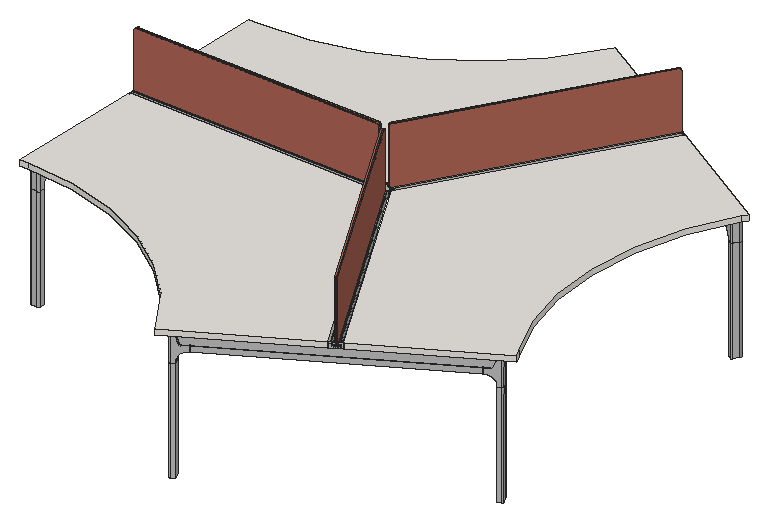
Revit family "Haworth_Intuity_Benching_Corner120_ThreeSided", category Furniture Systems, Revit 2018
Family settings
  Round Connector Dimension = Use Diameter
  Part Type = Normal
  OmniClass Number = 23.40.70.14.64.21
  OmniClass Title = Systems Furniture
  Work Plane-Based = No
  Always vertical = Yes
  Cut with Voids When Loaded = No
  Shared = No
  Room Calculation Point = No
Parameters (values of type "30d 54w")
  Worksurface Distance = 1 13/32" * 2  # 2 13/16"
  Warranty = "https://www.haworth.com/resources/product-info/warranties"
  Utility Tray Yes = yes
  Utility Tray Width = Actual Width  # 54"
  Utility Tray Finish = Haworth _ Paint _ Metallic Silver
  URL - Product = "https://www.haworth.com/products/workspaces/benching/intuity"
  Table Finish [instance] = Haworth _ Laminate _ Linen H-WL
  Table Edge Finish [instance] = Haworth _ Laminate _ Linen H-WL
  Side 3 Leg Shared Offset [instance] = if(Leg Side 3 Shared, 0", 1 1/4")  # 1 1/4"
  Side 2 Leg Shared Offset [instance] = if(Leg Side 2 Shared, 0", 1 1/4")  # 1 1/4"
  Side Leg Offset = 1 1/4"  # constant formula
  Side 1 Leg Shared Offset [instance] = if(Leg Side 1 Shared, 0", 1 1/4")  # 1 1/4"
  Screen Yes [instance] = yes
  Screen Mounting Height = 28 1/4"  # constant formula
  Screen Finish = Haworth _ Fabric _ Tellure _ Geranium 3A-42
  Rail Finish = Haworth _ Paint _ Metallic Silver
  Min. Screen Width = 36"  # constant formula
  Max. Screen Width = 54"  # constant formula
  Leg Side 3 Straight [instance] = yes
  Leg Side 2 Straight [instance] = yes
  Leg Side 2 None [instance] = not(or(Leg Side 2 Straight, Leg Side 2 Angled, Leg Side 2 Column))  # no
  Leg Side 2 Column [instance] = no
  Leg Side 2 Angled [instance] = no
  Leg Side 1 Straight [instance] = yes
  Leg Side 1 Shared [instance] = no
  Leg Side 1 None [instance] = not(or(Leg Side 1 Straight, Leg Side 1 Angled, Leg Side 1 Column))  # no
  Leg Side 1 Column [instance] = no
  Leg Side 1 Angled [instance] = no
  Leg Side 3 Shared [instance] = no
  Leg Side 3 None [instance] = not(or(Leg Side 3 Straight, Leg Side 3 Angled, Leg Side 3 Column))  # no
  Leg Side 2 Shared [instance] = no
  Leg Side 3 Column [instance] = no
  Leg Side 3 Angled [instance] = no
  End Cap Offset = 1/8"  # constant formula
  Screen Width = 54"
  Actual Screen Width = if(Screen Width < Min. Screen Width, Min. Screen Width - 1/4", if(Screen Width > Max. Screen Width, Max. Screen Width - 1/4", Screen Width - 1/4"))  # 53 3/4"
  Actual Overall Depth = (Actual Depth * 2) + Worksurface Distance  # 62 13/16"
  Standard Worksurface Depth = "24, 30 in."  # constant formula
  Model = "Intuity"  # constant formula
  Min. Overall Depth = 51"  # constant formula
  Max. Overall Depth = 63"  # constant formula
  Leg Side Offset = if(Actual Width < 47", 33 3/4", if(Actual Width < 53", 38 3/4", if(Actual Width < 59", 43 3/4", 46 13/16")))  # 43 3/4"
  Leg Front Offset [instance] = if(or(Leg Side 1 Angled, Leg Side 2 Angled, Leg Side 3 Angled), 13", 6")  # 6"
  Leg Finish [instance] = Haworth _ Paint _ Metallic Silver
  J-Rail Width = Leg Side Offset  # 43 3/4"
  J-Rail Height = 22 5/8"  # constant formula
  Gap Depth = Worksurface Distance / 2  # 1 13/32"
  Description = "Haworth - Intuity Benching - 120 Three Pack"  # constant formula
  Width = 54"
  URL = "www.haworth.com"
  Table Thickness = 1 3/16"  # constant formula
  Size = "Verify Final Dim. w/ Haworth"  # constant formula
  Revision Number = "1"  # constant formula
  Standard Width = "42, 48, 54 in."  # constant formula
  Standard Overall Depth = "48, 60 in."  # constant formula
  Min. Width = 42"  # constant formula
  Max. Width = 54"  # constant formula
  Min. Depth = 24"  # constant formula
  Max. Depth = 30"  # constant formula
  Manufacturer = "Haworth"  # constant formula
  Leg Height = Actual Height - Table Thickness  # 28"
  Depth = 30"
  Custom Size = not(and(or(Depth = 24", Depth = 30"), or(Width = 42", Width = 48", Width = 54")))  # no
  Author = "Haworth (Alias)"  # constant formula
  Assembly Code = "E2020200"
  Actual Width = if(Width < Min. Width, Min. Width, if(Width > Max. Width, Max. Width, Width))  # 54"
  Actual Height = 29 3/16"  # constant formula
  Actual Depth = if(Depth > Max. Depth, Max. Depth, if(Depth < Min. Depth, Min. Depth, Depth))  # 30"
  Access Plate Finish = Haworth _ Paint _ Metallic Silver
  Accent Plate Side 3 [instance] = or(Leg Side 3 Straight, Leg Side 3 Angled)  # yes
  Accent Plate Side 2 [instance] = or(Leg Side 2 Straight, Leg Side 2 Angled)  # yes
  Accent Plate Side 1 [instance] = or(Leg Side 1 Straight, Leg Side 1 Angled)  # yes
  Accent Plate Depth [instance] = (Actual Depth * 2) + (Gap Depth * 2) - (Leg Front Offset * 2)  # 50 13/16"
  21 in H Screen = not([13 in H Screen])  # no
  13 in H Screen = yes
Reference planes (in)
  plane 1 "Bottom": z = 0
  plane 2 "Top": z = 29.1875
  plane 3 "Top Bottom": z = 28
  plane 4 "Support Top": z = 22.625
  plane 5 "Edge End 1": x = -15.14581
  plane 6 "Center FB": y = 7.37456
  plane 7 "W/Surface 1 Edge1": y = 8.78081
  plane 8 "W/Surface 1 Edge2": y = 5.96831
  plane 9 "Right Leg L": x = 33.47859
  plane 10 "Support Bottom": z = 18.875
  plane 11 "Leg Back": y = 32.78081
  plane 12 "Leg Front": y = -18.03169
  plane 13 "Back 1": y = -24.03169
  plane 14 "Front 1": y = 38.78081
  plane 15 "Center 2": through (39.66609, 7.37456, 48) normal (-0.866, 0.5, 0)
  plane 16 "Center 3": through (39.66609, 7.37456, 48) normal (0.866, 0.5, 0)
  plane 17 "W/Surface 3 Edge2": through (40.88394, 8.07768, 48) normal (0.866, 0.5, 0)
  plane 18 "W/Surface 3 Edge1": through (64.61397, -38.64894, 48) normal (-0.866, -0.5, 0)
  plane 19 "W/Surface 2 Edge1": through (38.44824, 8.07768, 48) normal (-0.866, 0.5, 0)
  plane 20 "W/Surface 2 Edge2": through (65.14181, 48.6873, 48) normal (0.866, -0.5, 0)
  plane 21 "Leg 3 Back": through (61.66855, 20.07768, 48) normal (0.866, 0.5, 0)
  plane 22 "Leg 3 Front": through (57.18466, -73.781, 48) normal (-0.866, -0.5, 0)
  plane 23 "Leg 2 Back": through (17.66363, 20.07768, 48) normal (-0.866, 0.5, 0)
  plane 24 "Leg 2 Front": through (97.94312, 57.50084, 48) normal (0.866, -0.5, 0)
  plane 25 "Left Leg 2": through (2.98228, 35.69867, 48) normal (0.5, 0.866, 0)
  plane 26 "Left Leg 3": through (82.5374, 24.98161, 48) normal (0.5, -0.866, 0)
  plane 27 "Post Leg 2": x = 52.07236
  plane 28 "Post Leg 1": through (35.3382, 19.20138, 48) normal (0.5, -0.866, 0)
  plane 29 "Post Leg 3": through (35.33821, -4.45227, 48) normal (-0.5, -0.866, 0)
  plane 30 "Back 2": through (-2.57981, -2.98498, 48) normal (-0.866, 0.5, 0)
  plane 31 "Front 2": through (113.8647, 73.07782, 48) normal (0.866, -0.5, 0)
  plane 32 "Back 3": through (51.81741, 49.14035, 48) normal (0.866, 0.5, 0)
  plane 33 "Front 3": through (59.46748, -89.73495, 48) normal (-0.866, -0.5, 0)
  plane 34 "Center Point 1": x = 39.66609
  plane 35 "Center Point 2": through (39.66609, 7.37456, 48) normal (-0.5, 0.866, 0)
  plane 36 "Center Point 3": through (39.66609, 7.37456, 48) normal (-0.5, -0.866, 0)
  plane 37 "Edge End 2": through (76.29258, 49.51957, 48) normal (-0.5, -0.866, 0)
  plane 38: through (38.42719, 4.24086, 48) normal (-0.5, 0.866, 0)
  plane 39: through (38.42719, 4.24086, 48) normal (-0.866, -0.5, 0)
  plane 40: through (42.9994, 7.86849, 48) normal (-0.5, -0.866, 0)
  plane 41: through (42.9994, 7.86849, 48) normal (0.866, -0.5, 0)
  plane 42: x = 37.57168
  plane 43: y = 10.01433
  plane 44: x = 38.55401
  plane 45: through (39.1537, 5.79461, 48) normal (-0.5, 0.866, 0)
  plane 46: through (41.29056, 7.72079, 48) normal (-0.5, -0.866, 0)
  plane 47 "Leg 1": x = -13.89581
  plane 48 "Leg 2": through (98.70869, 35.13425, 48) normal (-0.5, -0.866, 0)
  plane 49: x = 11.85419
  plane 50: through (34.72516, -27.5925, 48) normal (-0.5, 0.866, 0)
  plane 51: through (26.02161, 47.36662, 48) normal (0.5, 0.866, 0)
  plane 52: x = 38.85419
  plane 53: through (38.85419, 8.78081, 54) normal (0.5, 0.866, 0)
  plane 54: x = -15.02081
  plane 55: through (95.10081, 38.5163, 54) normal (-0.5, -0.866, 0)
  plane 56: through (41.28989, 7.37456, 54) normal (0.5, -0.866, 0)
  plane 57 "Edge End 3": through (76.29258, -34.77045, 48) normal (0.5, -0.866, 0)
  plane 58: through (98.70869, -20.38514, 48) normal (0.5, -0.866, 0)
  plane 59: through (95.10081, -23.76718, 54) normal (0.5, -0.866, 0)
Forms (in)
  Extrusion 1, solid, material "Haworth _ Paint _ Metallic Silver" <- "Leg Finish"
    sketch origin (0, 0, 0) x (1, 0, 0) y (0, 1, 0)
      loop
        line (38.95105, 8.61304) -> (38.95105, 6.13608) -> (41.09617, 7.37456) -> (38.95105, 8.61304)
    from 29.08424 to 29.14425
  Extrusion 2, void
    sketch origin (0, 0, 0) x (1, 0, 0) y (0, 1, 0)
      loop
        line (41.28316, 6.98628) -> (41.95568, 7.37456) -> (41.28316, 7.76284) -> (41.08154, 7.41362)
        arc (41.08154, 7.41362) -> (41.07107, 7.37456) -> (41.08154, 7.33549) r 0.07813
        line (41.08154, 7.33549) -> (41.28316, 6.98628)
      loop
        line (39.19382, 8.96912) -> (38.52129, 9.3574) -> (38.52129, 8.58084) -> (38.92454, 8.58084)
        arc (38.92454, 8.58084) -> (38.9636, 8.59131) -> (38.9922, 8.61991) r 0.07813
        line (38.9922, 8.61991) -> (39.19382, 8.96912)
      loop
        line (39.19382, 5.78) -> (38.9922, 6.12921)
        arc (38.9922, 6.12921) -> (38.9636, 6.15781) -> (38.92454, 6.16827) r 0.07813
        line (38.92454, 6.16827) -> (38.52129, 6.16827) -> (38.52129, 5.39171) -> (39.19382, 5.78)
    from 27 to 30
  Sweep 3, solid, material "Haworth _ Paint _ Metallic Silver" <- "Leg Finish"
    path in 3D
      loop
        line (38.95105, 6.13608, 29.14425) -> (41.09617, 7.37456, 29.14425) -> (38.95105, 8.61304, 29.14425) -> (38.95105, 6.13608, 29.14425)
    profile origin (38.95105, 7.37456, 29.14425) x (1, 0, 0) y (0, 0, 1)
      loop
        arc (-0.29704, 0) -> (-0.36775, -0.02929) -> (-0.39704, -0.1) r 0.1
        line (-0.39704, -0.1) -> (-0.39704, -1.265) -> (-0.33705, -1.265) -> (-0.33705, -0.09906)
        arc (-0.33705, -0.09906) -> (-0.3256, -0.07144) -> (-0.29798, -0.06) r 0.03906
        line (-0.29798, -0.06) -> (0, -0.06) -> (0, 0) -> (-0.29704, 0)
  Extrusion 4, solid, material "Haworth _ Paint _ Metallic Silver" <- "Rail Finish"
    sketch origin (0, 0, 0) x (1, 0, 0) y (0, 1, 0)
      loop
        line (-15.14581, 8.78081) -> (-15.14581, 5.96831) -> (-15.02081, 5.96831) -> (-15.02081, 8.78081) -> (-15.14581, 8.78081)
      loop
        line (65.85419, 55.54618) -> (65.79169, 55.43793) -> (68.22739, 54.03168) -> (68.28989, 54.13993) -> (65.85419, 55.54618)
      loop
        line (65.85419, -40.79706) -> (68.28989, -39.39081) -> (68.22739, -39.28256) -> (65.79169, -40.68881) -> (65.85419, -40.79706)
    from 28 to 29.1875
Cuts and joins
  Extrusion 2 cuts Extrusion 1
  Extrusion 2 cuts Sweep 3
  joined: Extrusion 1, Sweep 3
Lines and regions (in)
  sketch lines
    curve 1: line (38.95105, 8.61304, 29.14425) -> (38.95105, 6.13608, 29.14425)
    curve 2: line (41.09617, 7.37456, 29.14425) -> (38.95105, 8.61304, 29.14425)
    curve 3: line (38.95105, 6.13608, 29.14425) -> (41.09617, 7.37456, 29.14425)
Dimensions and locks (in)
  "Actual Height": plane 2 "Top" to level
  "Table Thickness": plane 2 "Top" to plane 3 "Top Bottom"
  "Gap Depth": plane 7 "W/Surface 1 Edge1" to plane 6 "Center FB"
  "Gap Depth": plane 6 "Center FB" to plane 8 "W/Surface 1 Edge2"
  "Actual Depth": plane 14 "Front 1" to plane 7 "W/Surface 1 Edge1"
  "Actual Depth": plane 13 "Back 1" to plane 8 "W/Surface 1 Edge2"
  locked: plane 4 "Support Top" to plane 10 "Support Bottom" at 3.75
  "J-Rail Height": plane 4 "Support Top" to plane 1 "Bottom"
  "Gap Depth": plane 18 "W/Surface 3 Edge1" to plane 16 "Center 3"
  "Gap Depth": plane 16 "Center 3" to plane 17 "W/Surface 3 Edge2"
  "Gap Depth": plane 20 "W/Surface 2 Edge2" to plane 15 "Center 2"
  "Gap Depth": plane 19 "W/Surface 2 Edge1" to plane 15 "Center 2"
  "Actual Depth": plane 32 "Back 3" to plane 17 "W/Surface 3 Edge2"
  "Actual Depth": plane 33 "Front 3" to plane 18 "W/Surface 3 Edge1"
  "Actual Depth": plane 31 "Front 2" to plane 20 "W/Surface 2 Edge2"
  "Actual Depth": plane 30 "Back 2" to plane 19 "W/Surface 2 Edge1"
  "Actual Width": plane 5 "Edge End 1" to plane 52
  "Actual Width": plane 53 to plane 37 "Edge End 2"
  equal spacing: plane 5 "Edge End 1", plane 49, plane 52
  equal spacing: plane 37 "Edge End 2", plane 51, plane 53
  "Side 1 Leg Shared Offset": plane 5 "Edge End 1" to plane 47 "Leg 1"
  "Side 2 Leg Shared Offset": plane 48 "Leg 2" to plane 37 "Edge End 2"
  "End Cap Offset": plane 55 to plane 37 "Edge End 2"
  "End Cap Offset": plane 5 "Edge End 1" to plane 54
  "Actual Width": plane 56 to plane 57 "Edge End 3"
  equal spacing: plane 56, plane 50, plane 57 "Edge End 3"
  "End Cap Offset": plane 59 to plane 57 "Edge End 3"
  "Side 3 Leg Shared Offset": plane 58 to plane 57 "Edge End 3"
  "Leg Front Offset": plane 13 "Back 1" to plane 12 "Leg Front"
  "Leg Front Offset": plane 14 "Front 1" to plane 11 "Leg Back"
  "Leg Front Offset": plane 31 "Front 2" to plane 24 "Leg 2 Front"
  "Leg Front Offset": plane 30 "Back 2" to plane 23 "Leg 2 Back"
  "Leg Front Offset": plane 32 "Back 3" to plane 21 "Leg 3 Back"
  "Leg Front Offset": plane 33 "Front 3" to plane 22 "Leg 3 Front"
  aligned and locked: plane 1 "Bottom" to nested 1
  aligned and locked: nested 3 to plane 1 "Bottom"
  aligned and locked: plane 1 "Bottom" to nested 2
  aligned and locked: plane 8 "W/Surface 1 Edge2" to nested 1
  aligned and locked: nested 2 to plane 7 "W/Surface 1 Edge1"
  aligned and locked: plane 17 "W/Surface 3 Edge2" to nested 3
  aligned and locked: plane 6 "Center FB" to nested 9
  aligned and locked: plane 15 "Center 2" to nested 12
  aligned and locked: nested 11 to plane 16 "Center 3"
  aligned and locked: plane 47 "Leg 1" to nested 4
  aligned and locked: nested 21 to plane 16 "Center 3"
  aligned and locked: plane 15 "Center 2" to nested 16
  aligned and locked: plane 51 to nested 24
  aligned and locked: nested 8 to plane 50
  aligned and locked: plane 49 to nested 23
  aligned and locked: nested 23 to plane 6 "Center FB"
  aligned and locked: nested 24 to plane 15 "Center 2"
  aligned and locked: plane 16 "Center 3" to nested 8
  aligned and locked: nested 3 to plane 20 "W/Surface 2 Edge2"
  aligned and locked: plane 19 "W/Surface 2 Edge1" to nested 2
  aligned and locked: nested 1 to plane 18 "W/Surface 3 Edge1"
  aligned and locked: plane 15 "Center 2" to nested 27
  aligned and locked: plane 51 to nested 27
  aligned and locked: nested 25 to plane 16 "Center 3"
  aligned and locked: plane 6 "Center FB" to nested 26
  aligned and locked: plane 49 to nested 26
  aligned and locked: plane 49 to nested 9
  aligned and locked: plane 51 to nested 12
  aligned and locked: nested 25 to plane 50
  aligned and locked: nested 11 to plane 50
  aligned and locked: nested 19 to plane 58
  aligned and locked: Extrusion 4 sketch curve to plane 19 "W/Surface 2 Edge1"
  aligned and locked: Extrusion 4 sketch curve to plane 55
  aligned and locked: plane 37 "Edge End 2" to Extrusion 4 sketch curve
  aligned and locked: Extrusion 4 sketch curve to plane 20 "W/Surface 2 Edge2"
  aligned and locked: plane 59 to Extrusion 4 sketch curve
  aligned and locked: Extrusion 4 sketch curve to plane 57 "Edge End 3"
  aligned and locked: plane 17 "W/Surface 3 Edge2" to Extrusion 4 sketch curve
  aligned and locked: plane 18 "W/Surface 3 Edge1" to Extrusion 4 sketch curve
  aligned and locked: Extrusion 4 sketch curve to plane 54
  aligned and locked: plane 5 "Edge End 1" to Extrusion 4 sketch curve
  aligned and locked: Extrusion 4 sketch curve to plane 7 "W/Surface 1 Edge1"
  aligned and locked: Extrusion 4 sketch curve to plane 8 "W/Surface 1 Edge2"
  aligned and locked: plane 2 "Top" to Extrusion 4
  aligned and locked: Extrusion 4 to plane 3 "Top Bottom"
  aligned and locked: nested 5 to plane 12 "Leg Front"
  aligned and locked: nested 4 to plane 12 "Leg Front"
  aligned and locked: plane 47 "Leg 1" to nested 5
  aligned and locked: nested 10 to plane 47 "Leg 1"
  aligned and locked: nested 6 to plane 47 "Leg 1"
  aligned and locked: plane 47 "Leg 1" to nested 7
  aligned and locked: nested 6 to plane 11 "Leg Back"
  aligned and locked: plane 11 "Leg Back" to nested 10
  aligned and locked: nested 16 to plane 48 "Leg 2"
  aligned and locked: nested 13 to plane 48 "Leg 2"
  aligned and locked: nested 14 to plane 48 "Leg 2"
  aligned and locked: plane 48 "Leg 2" to nested 17
  aligned and locked: plane 48 "Leg 2" to nested 15
  aligned and locked: plane 23 "Leg 2 Back" to nested 17
  aligned and locked: nested 15 to plane 23 "Leg 2 Back"
  aligned and locked: nested 13 to plane 24 "Leg 2 Front"
  aligned and locked: nested 14 to plane 24 "Leg 2 Front"
  aligned and locked: nested 18 to plane 58
  aligned and locked: nested 21 to plane 58
  aligned and locked: plane 58 to nested 20
  aligned and locked: plane 58 to nested 22
  aligned and locked: nested 20 to plane 21 "Leg 3 Back"
  aligned and locked: plane 21 "Leg 3 Back" to nested 22
  aligned and locked: nested 18 to plane 22 "Leg 3 Front"
  aligned and locked: nested 19 to plane 22 "Leg 3 Front"
  aligned and locked: plane 6 "Center FB" to nested 28
  aligned and locked: plane 47 "Leg 1" to nested 28
  aligned and locked: nested 30 to plane 48 "Leg 2"
  aligned and locked: plane 15 "Center 2" to nested 30
  aligned and locked: nested 29 to plane 16 "Center 3"
  aligned and locked: nested 29 to plane 58
  aligned and locked: plane 3 "Top Bottom" to nested 29
  aligned and locked: plane 3 "Top Bottom" to nested 21
  aligned and locked: plane 3 "Top Bottom" to nested 18
  aligned and locked: plane 3 "Top Bottom" to nested 19
  aligned and locked: plane 3 "Top Bottom" to nested 7
  aligned and locked: plane 3 "Top Bottom" to nested 5
  aligned and locked: plane 3 "Top Bottom" to nested 4
  aligned and locked: nested 22 to plane 3 "Top Bottom"
  aligned and locked: plane 3 "Top Bottom" to nested 20
  aligned and locked: plane 3 "Top Bottom" to nested 8
  aligned and locked: plane 3 "Top Bottom" to nested 16
  aligned and locked: nested 17 to plane 3 "Top Bottom"
  aligned and locked: plane 3 "Top Bottom" to nested 15
  aligned and locked: plane 3 "Top Bottom" to nested 30
  aligned and locked: plane 3 "Top Bottom" to nested 24
  aligned and locked: nested 10 to plane 3 "Top Bottom"
  aligned and locked: plane 3 "Top Bottom" to nested 14
  aligned and locked: plane 3 "Top Bottom" to nested 13
  aligned and locked: plane 3 "Top Bottom" to nested 6
  aligned and locked: plane 3 "Top Bottom" to nested 28
  aligned and locked: plane 3 "Top Bottom" to nested 23
Automatic sketch dimensions
  Extrusion 1 sketch curve to plane 15 "Center 2" = 0"
  Extrusion 1 sketch curve to plane 8 "W/Surface 1 Edge2" = 0.16777"
  Extrusion 1 sketch curve to plane 6 "Center FB" = 0"
  Extrusion 1 sketch curve to plane 7 "W/Surface 1 Edge1" = 0.16777"
  Extrusion 1 sketch curve to plane 34 "Center Point 1" = 1.43008"
  profile plane to Sweep 3 sketch curve = 0"
  Sweep 3 sketch curve to profile plane = 0"
  profile plane to Sweep 3 sketch curve = 0.29704"
  Sweep 3 sketch curve to Sweep 3 sketch curve = 0.00094"
  Sweep 3 sketch curve to Sweep 3 sketch curve = 5/128"
  Sweep 3 sketch curve to Sweep 3 sketch curve = 0.06"
  Sweep 3 sketch curve to Sweep 3 sketch curve = 1.16501"
  Sweep 3 sketch curve to Sweep 3 sketch curve = 0.00093"
  Extrusion 2 sketch curve to plane 44 = 0.03272"  (x4)
  plane 44 to Extrusion 2 sketch curve = 0.37053"  (x2)
  Extrusion 2 sketch curve to Extrusion 2 sketch curve = 0"  (x3)
  Extrusion 2 sketch curve to plane 7 "W/Surface 1 Edge1" = 0.12184"
  Extrusion 2 sketch curve to plane 8 "W/Surface 1 Edge2" = 0.1609"
  Extrusion 2 sketch curve to Extrusion 2 sketch curve = 0.06766"  (x3)
  Extrusion 2 sketch curve to plane 7 "W/Surface 1 Edge1" = 0.1609"
  plane 7 "W/Surface 1 Edge1" to Extrusion 2 sketch curve = 0.18831"
  Extrusion 2 sketch curve to Extrusion 2 sketch curve = 0.20162"  (x4)
  plane 8 "W/Surface 1 Edge2" to Extrusion 2 sketch curve = 0.18831"
  Extrusion 2 sketch curve to plane 6 "Center FB" = 5/128"
  Extrusion 2 sketch curve to plane 34 "Center Point 1" = 1.41545"
  plane 6 "Center FB" to Extrusion 2 sketch curve = 5/128"
  Extrusion 2 sketch curve to plane 6 "Center FB" = 0.38828"
  plane 6 "Center FB" to Extrusion 2 sketch curve = 0.38828"
  plane 6 "Center FB" to Extrusion 2 sketch curve = 0"
  Extrusion 2 sketch curve to Extrusion 2 sketch curve = 0.67252"
  plane 8 "W/Surface 1 Edge2" to Extrusion 2 sketch curve = 0.57659"
  Extrusion 2 sketch curve to Extrusion 2 sketch curve = 5/128"
  Extrusion 2 sketch curve to plane 8 "W/Surface 1 Edge2" = 0.19997"
  Extrusion 2 sketch curve to plane 7 "W/Surface 1 Edge1" = 0.19997"
  plane 7 "W/Surface 1 Edge1" to Extrusion 2 sketch curve = 0.57659"
Nested families (in)
  nested 1: "Haworth_Intuity_Worksurface_Corner120_Part" at (38.85419, -6.03169, 0) x (-1, 0, 0) z (0, 0, 1), type "Worksurface"
    with Actual Height 29 3/16"
  nested 2: "Haworth_Intuity_Worksurface_Corner120_Part" at (38.85419, 20.78081, 0) x (-1, 0, 0) z (0, 0, 1), type "Worksurface"
    with Actual Height 29 3/16"
  nested 3: "Haworth_Intuity_Worksurface_Corner120_Part" at (51.68219, 13.37456, 0) x (0.5, -0.866, 0) z (0, 0, 1), type "Worksurface"
    with Actual Height 29 3/16"
  nested 4: "Haworth_Intuity_Angled_Leg" at (-22.39581, -10.16738, 0), visible <- "Leg Side 1 Angled", type "Support"
  nested 5: "Haworth_Intuity_Straight_Leg" at (-22.39581, -10.16738, 0), visible <- "Leg Side 1 Straight", type "Support"
  nested 6: "Haworth_Intuity_Straight_Leg" at (-5.39581, 24.9165, 0) x (-1, 0, 0) z (0, 0, 1), visible <- "Leg Side 1 Straight", type "Support"
  nested 7: "Haworth_Intuity_Accent_Plate" at (-22.39581, 18.02012, 0), visible <- "Accent Plate Side 1", type "Support"
    with Support Depth 50 13/16"
  nested 8: "Haworth_Intuity_Utility_Tray" at (67.71582, 1.26962, 0.1875) x (0.5, -0.866, 0) z (0, 0, 1), visible <- "Utility Tray Yes", type "Tray"
    with Length Position 21", Length 54"
  nested 9: "Haworth_Intuity_Rail" at (3.35419, 18.02012, 0), type "Rail"
    with Right Shared Leg no, Right Offset 1/8", Left Shared Leg no, Left Offset 1/8", Worsurface Length 54"
  nested 10: "Haworth_Intuity_Angled_Leg" at (-22.39581, 24.9165, 0), visible <- "Leg Side 1 Angled", type "Support"
  nested 11: "Haworth_Intuity_Rail" at (58.54137, -4.02726, 0) x (0.5, -0.866, 0) z (0, 0, 1), type "Rail"
    with Right Shared Leg no, Right Offset 1/8", Left Shared Leg no, Left Offset 1/8", Worsurface Length 54"
  nested 12: "Haworth_Intuity_Rail" at (40.10271, 29.42193, 0) x (0.5, 0.866, 0) z (0, 0, 1), type "Rail"
    with Right Shared Leg no, Right Offset 1/8", Left Shared Leg no, Left Offset 1/8", Worsurface Length 54"
  nested 13: "Haworth_Intuity_Angled_Leg" at (77.38881, 37.62834, 0) x (0.5, 0.866, 0) z (0, 0, 1), visible <- "Leg Side 2 Angled", type "Support"
  nested 14: "Haworth_Intuity_Straight_Leg" at (77.38881, 37.62834, 0) x (0.5, 0.866, 0) z (0, 0, 1), visible <- "Leg Side 2 Straight", type "Support"
  nested 15: "Haworth_Intuity_Straight_Leg" at (55.50527, 69.89271, 0) x (-0.5, -0.866, 0) z (0, 0, 1), visible <- "Leg Side 2 Straight", type "Support"
  nested 16: "Haworth_Intuity_Accent_Plate" at (52.97771, 51.72209, 0) x (0.5, 0.866, 0) z (0, 0, 1), visible <- "Accent Plate Side 2", type "Support"
    with Support Depth 50 13/16"
  nested 17: "Haworth_Intuity_Angled_Leg" at (47.00527, 55.17028, 0) x (0.5, 0.866, 0) z (0, 0, 1), visible <- "Leg Side 2 Angled", type "Support"
  nested 18: "Haworth_Intuity_Angled_Leg" at (47.00527, -40.42116, 0) x (0.5, -0.866, 0) z (0, 0, 1), visible <- "Leg Side 3 Angled", type "Support"
  nested 19: "Haworth_Intuity_Straight_Leg" at (47.00527, -40.42116, 0) x (0.5, -0.866, 0) z (0, 0, 1), visible <- "Leg Side 3 Straight", type "Support"
  nested 20: "Haworth_Intuity_Straight_Leg" at (85.88881, -37.60165, 0) x (-0.5, 0.866, 0) z (0, 0, 1), visible <- "Leg Side 3 Straight", type "Support"
  nested 21: "Haworth_Intuity_Accent_Plate" at (71.41637, -26.32741, 0) x (0.5, -0.866, 0) z (0, 0, 1), visible <- "Accent Plate Side 3", type "Support"
    with Support Depth 50 13/16"
  nested 22: "Haworth_Intuity_Angled_Leg" at (77.38881, -22.87922, 0) x (0.5, -0.866, 0) z (0, 0, 1), visible <- "Leg Side 3 Angled", type "Support"
  nested 23: "Haworth_Intuity_Utility_Tray" at (3.35419, 28.61387, 0.1875), visible <- "Utility Tray Yes", type "Tray"
    with Length Position 21", Length 54"
  nested 24: "Haworth_Intuity_Utility_Tray" at (30.92826, 34.71881, 0.1875) x (0.5, 0.866, 0) z (0, 0, 1), visible <- "Utility Tray Yes", type "Tray"
    with Length Position 21", Length 54"
  nested 25: "Haworth_Intuity_Screens" at (56.13273, -5.41788, 28.25) x (0.5, -0.866, 0) z (0, 0, 1), built-in parameter 1001364 <- "Screen Mounting Height", visible <- "Screen Yes", type "Screen"
  nested 26: "Haworth_Intuity_Screens" at (3.35419, 15.23887, 28.25), built-in parameter 1001364 <- "Screen Mounting Height", visible <- "Screen Yes", type "Screen"
  nested 27: "Haworth_Intuity_Screens" at (42.51135, 28.03131, 28.25) x (0.5, 0.866, 0) z (0, 0, 1), built-in parameter 1001364 <- "Screen Mounting Height", visible <- "Screen Yes", type "Screen"
  nested 28: "Haworth_Intuity_Column_Leg" at (-22.39581, 18.02012, 0), visible <- "Leg Side 1 Column", type "Support"
  nested 29: "Haworth_Intuity_Column_Leg" at (71.41637, -26.32741, 0) x (0.5, -0.866, 0) z (0, 0, 1), visible <- "Leg Side 3 Column", type "Support"
  nested 30: "Haworth_Intuity_Column_Leg" at (52.97771, 51.72209, 0) x (0.5, 0.866, 0) z (0, 0, 1), visible <- "Leg Side 2 Column", type "Support"
Definition of nested family "Haworth_Intuity_Worksurface_Corner120_Part"
  Parameters (values of type "Worksurface")
    Warranty = "http://www.haworth.com/resources/product-info/warranties"
    URL - Product = "http://www.haworth.com/products/tables/height-adjustable/planes"
    Table Radius = if(Actual Width < 48", 42 1/2", if(Actual Width < 54", 50 1/2", if(Actual Width < 60", 60 1/2", 70 1/2")))  # 60 1/2"
    Table Finish = none
    Table Edge Finish = none
    Sustainability Info = "https://www.haworth.com/company-info/sustainability"
    Model = "WCBZ"  # constant formula
    Description = "Haworth - Intuity Worksurface Corner 120 Wrap Around - Part"
    URL = "www.haworth.com"
    Table Thickness = 1 3/16"  # constant formula
    Size = "Verify Final Dim. w/ Haworth"  # constant formula
    Revision Number = "1"  # constant formula
    Min. Width = 42"
    Max. Width = 54"
    Min. Depth = 24"
    Max. Depth = 30"
    Manufacturer = "Haworth"  # constant formula
    Author = "Haworth (Alias)"  # constant formula
    Assembly Code = "E2020200"
    Actual Width = 54"
    Actual Height = 42"
    Actual Depth = 30"
  Reference planes (in)
    plane 1 "Bottom": z = 0
    plane 2 "Table Center Angle 2": x = 0
    plane 3 "Table Edge Left": through (17.47997, -60.4459, 48) normal (-0.5, -0.866, 0)
    plane 4 "Table Edge Right": x = 54
    plane 5 "Table Edge Front": y = 12
    plane 6 "Table Edge Back": y = -18
    plane 7 "Top": z = 42
    plane 8 "Top Bottom": z = 40.8125
    plane 9 "Back Angle": through (0, 12, 48) normal (0.866, -0.5, 0)
    plane 10: through (25.98076, -3, 48) normal (0.866, -0.5, 0)
    plane 11 "Table Center Angle 1": through (0, 12, 48) normal (0.5, 0.866, 0)
    plane 12 "Center Angle Leg": through (0, 12, 48) normal (0.866, 0.5, 0)
    plane 13 "Knife Edge Middle": z = 41.625
  Forms (in)
    Extrusion 1, solid, material <- "Table Finish"
      sketch origin (0, 0, 42) x (-1, 0, 0) y (0, -1, 0)
        loop
          line (-54, 18) -> (-54, -12) -> (0, -12) -> (27, 34.76537) -> (1.01924, 49.76537) -> (0.35612, 48.61682)
          arc (0.35612, 48.61682) -> (-21.81564, 26.21146) -> (-52.24849, 18) r 60.5
          line (-52.24849, 18) -> (-54, 18)
      from 0 to -1.1875
  Lines and regions (in)
    Masking region 1
      outline origin (0, 0, 42) x (-1, 0, 0) y (0, -1, 0)
        loop
          line (-54, 18) -> (-54, -12) -> (0, -12) -> (27, 34.76537) -> (1.01924, 49.76537) -> (0.35612, 48.61682)
          arc (0.35612, 48.61682) -> (-21.81564, 26.21146) -> (-52.24849, 18) r 60.5
          line (-52.24849, 18) -> (-54, 18)
  Dimensions and locks (in)
    "Actual Depth": plane 5 "Table Edge Front" to plane 6 "Table Edge Back"
    "Actual Height": plane 7 "Top" to level
    "Table Thickness": plane 7 "Top" to plane 8 "Top Bottom"
    "Actual Depth": plane 10 to plane 9 "Back Angle"
    "Actual Width": plane 2 "Table Center Angle 2" to plane 4 "Table Edge Right"
    "Actual Width": plane 11 "Table Center Angle 1" to plane 3 "Table Edge Left"
    locked: plane 7 "Top" to plane 13 "Knife Edge Middle" at 0.375
    "Table Radius": radius of Masking region 1 sketch curve
    "Table Radius": radius of Extrusion 1 sketch curve
    aligned and locked: Extrusion 1 to plane 8 "Top Bottom"
    aligned and locked: plane 7 "Top" to Extrusion 1
    aligned and locked: plane 3 "Table Edge Left" to Masking region 1 sketch curve
    aligned and locked: Masking region 1 sketch curve to plane 9 "Back Angle"
    aligned and locked: plane 4 "Table Edge Right" to Masking region 1 sketch curve
    aligned and locked: plane 5 "Table Edge Front" to Masking region 1 sketch curve
    aligned and locked: plane 6 "Table Edge Back" to Masking region 1 sketch curve
    aligned and locked: plane 10 to Masking region 1 sketch curve
    aligned and locked: plane 5 "Table Edge Front" to Extrusion 1 sketch curve
    aligned and locked: Extrusion 1 sketch curve to plane 9 "Back Angle"
    aligned and locked: plane 3 "Table Edge Left" to Extrusion 1 sketch curve
    aligned and locked: plane 10 to Extrusion 1 sketch curve
    aligned and locked: plane 6 "Table Edge Back" to Extrusion 1 sketch curve
    aligned and locked: plane 4 "Table Edge Right" to Extrusion 1 sketch curve
  Automatic sketch dimensions
    Masking region 1 sketch curve to Masking region 1 sketch curve = 0.66312"
    Extrusion 1 sketch curve to Extrusion 1 sketch curve = 0.66312"
Definition of nested family "Haworth_Intuity_Angled_Leg"
  Parameters (values of type "Support")
    URL = "www.haworth.com"
    Support Thickness = 2"  # constant formula
    Support Inset = 1/4"  # constant formula
    Support Height = 28"  # constant formula
    Support Finish = none
    Size = "Verify Final Dim. w/ Haworth"  # constant formula
    Revision Number = "1"  # constant formula
    Model = "Haworth_Intuity_Angled_Leg"  # constant formula
    Manufacturer = "Haworth"  # constant formula
    Description = "Haworth_Intuity_Angled_Leg"
    Author = "Haworth (Hampton)"  # constant formula
    Assembly Code = "E2020200"
    Actual Depth = 10 3/4"  # constant formula
  Reference planes (in)
    plane 1: z = 0
    plane 2 "Center L/R": x = 8.5
    plane 3 "Support Left Edge": x = 7.5
    plane 4 "Support Right Edge": x = 9.5
    plane 5 "Support Top": z = 28
    plane 6 "Center F/B": y = -7.86431
    plane 7 "Inset Left": x = 7.75
    plane 8 "Inset Right": x = 9.25
    plane 9 "Front": y = -18.60273
  Forms (in)
    Extrusion 1, solid, material <- "Support Finish"
      sketch origin (7.5, 0, 0) x (0, -1, 0) y (0, 0, 1)
        loop
          line (18.60273, 0) -> (12.61969, 22.70402) -> (11.40102, 22.70402) -> (17.38407, 0) -> (18.60273, 0)
      from -2 to 0
    Extrusion 2, solid, material <- "Support Finish"
      sketch origin (7.5, 0, 0) x (0, -1, 0) y (0, 0, 1)
        loop
          line (11.22408, 28) -> (9.99113, 28) -> (9.63452, 26.66908)
          arc (9.63452, 26.66908) -> (9.41129, 26.335) -> (9.03081, 26.20584) r 0.625
          line (9.03081, 26.20584) -> (7.86431, 26.20584) -> (7.86431, 25.0255) -> (8.76475, 25.0255)
          arc (8.76475, 25.0255) -> (10.36275, 24.48305) -> (11.30031, 23.0799) r 2.625
          line (11.30031, 23.0799) -> (11.40102, 22.70402) -> (12.61969, 22.70402) -> (11.22408, 28)
      from -2 to 0
    Extrusion 3, void
      sketch origin (0, -0.61412, -4.74042) x (1, 0, 0) y (0, 0.966987, -0.254824)
        loop
          line (9.125, -18.60273) -> (7.875, -18.60273)
          arc (7.875, -18.60273) -> (7.60983, -18.4929) -> (7.5, -18.22773) r 0.375
          line (7.5, -18.22773) -> (7.18721, -18.74452) -> (9.81279, -18.74452) -> (9.5, -18.22773)
          arc (9.5, -18.22773) -> (9.39017, -18.4929) -> (9.125, -18.60273) r 0.375
      from 0 to 30.3576
  Cuts and joins
    Extrusion 3 cuts Extrusion 2
    Extrusion 3 cuts Extrusion 1
  Lines and regions (in)
    symbolic lines, detail levels medium+fine
      curve 1: line (7.5, -7.86431, 0) -> (9.5, -7.86431, 0)
      curve 2: line (7.5, -18.60273, 0) -> (7.5, -7.86431, 0)
      curve 3: line (9.5, -18.60273, 0) -> (7.5, -18.60273, 0)
      curve 4: line (9.5, -7.86431, 0) -> (9.5, -18.60273, 0)
  Dimensions and locks (in)
    "Support Thickness": plane 3 "Support Left Edge" to plane 4 "Support Right Edge"
    equal spacing: plane 3 "Support Left Edge", plane 2 "Center L/R", plane 4 "Support Right Edge"
    "Support Height": plane 5 "Support Top" to level
    "Support Inset": plane 3 "Support Left Edge" to plane 7 "Inset Left"
    "Support Inset": plane 8 "Inset Right" to plane 4 "Support Right Edge"
    aligned and locked: plane 4 "Support Right Edge" to Extrusion 2
    aligned and locked: plane 3 "Support Left Edge" to Extrusion 2
    aligned and locked: plane 4 "Support Right Edge" to Extrusion 1
    aligned and locked: plane 3 "Support Left Edge" to Extrusion 1
  Automatic sketch dimensions
    Extrusion 1 sketch curve to level = 0"
    Extrusion 1 sketch curve to plane 6 "Center F/B" = 3.53671"
    Extrusion 1 sketch curve to Extrusion 1 sketch curve = 1.21867"  (x2)
    Extrusion 2 sketch curve to plane 6 "Center F/B" = 0"
    Extrusion 2 sketch curve to plane 6 "Center F/B" = 1.1665"
    Extrusion 2 sketch curve to plane 6 "Center F/B" = 0.90044"
    Extrusion 2 sketch curve to Extrusion 2 sketch curve = 0.6037"
    Extrusion 2 sketch curve to Extrusion 2 sketch curve = 0.35662"
    Extrusion 2 sketch curve to Extrusion 2 sketch curve = 0.10072"
    Extrusion 2 sketch curve to Extrusion 2 sketch curve = 0.16176"
    Extrusion 2 sketch curve to Extrusion 2 sketch curve = 1.18035"
    Extrusion 1 sketch curve to plane 6 "Center F/B" = 9.51976"
    Extrusion 1 sketch curve to plane 5 "Support Top" = 5.29598"
    Extrusion 2 sketch curve to plane 5 "Support Top" = 1.16916"
    plane 3 "Support Left Edge" to curve 3 = 0"
    plane 4 "Support Right Edge" to curve 3 = 0"
    curve 3 to plane 6 "Center F/B" = 10.73842"
    plane 6 "Center F/B" to curve 2 = 0"
    Extrusion 3 sketch curve to plane 3 "Support Left Edge" = 0"
    Extrusion 3 sketch curve to plane 4 "Support Right Edge" = 0"
    plane 3 "Support Left Edge" to Extrusion 3 sketch curve = 0.31279"
    plane 7 "Inset Left" to Extrusion 3 sketch curve = 1/8"
    plane 8 "Inset Right" to Extrusion 3 sketch curve = 1/8"
    plane 4 "Support Right Edge" to Extrusion 3 sketch curve = 0.31279"
    Extrusion 3 sketch curve to Extrusion 3 sketch curve = 0.14179"
    level to Extrusion 2 sketch curve = 22.70402"
    Extrusion 2 sketch curve to Extrusion 2 sketch curve = 1.23294"
    Extrusion 2 sketch curve to Extrusion 2 sketch curve = 0.17695"
    Extrusion 2 sketch curve to Extrusion 2 sketch curve = 0.37588"
    Extrusion 2 sketch curve to plane 5 "Support Top" = 0"
    Extrusion 2 sketch curve to Extrusion 2 sketch curve = 1.21867"
Definition of nested family "Haworth_Intuity_Straight_Leg"
  Parameters
    URL = "www.haworth.com"
    Top Height = 5 19/64"  # constant formula
    Support Thickness = 2"  # constant formula
    Support Inset = 1/4"  # constant formula
    Support Height = 28"  # constant formula
    Support Finish = none
    Size = "Verify Final Dim. w/ Haworth"  # constant formula
    Revision Number = "1"  # constant formula
    Model = "Haworth_Intuity_Straight_Leg"  # constant formula
    Manufacturer = "Haworth"  # constant formula
    Leg Depth = 1 1/4"  # constant formula
    Description = "Haworth_Intuity_Straight_Leg"
    Author = "Haworth (Hampton)"  # constant formula
    Assembly Code = "E2020200"
    Actual Depth = 3 11/16"  # constant formula
  Reference planes (in)
    plane 1: z = 0
    plane 2 "Center L/R": x = 8.5
    plane 3 "Support Left Edge": x = 7.5
    plane 4 "Support Right Edge": x = 9.5
    plane 5 "Support Top": z = 28
    plane 6 "Center F/B": y = -7.86431
    plane 7 "Leg Outside": y = -11.55181
    plane 8 "Leg Inside": y = -10.30181
    plane 9: z = 22.70313
  Forms (in)
    Extrusion 1, solid, material <- "Support Finish"
      sketch origin (7.5, 0, 0) x (0, -1, 0) y (0, 0, 1)
        loop
          line (11.82451, 22.70313) -> (11.82451, 28) -> (10.24113, 28) -> (9.88452, 26.66908)
          arc (9.88452, 26.66908) -> (9.66129, 26.335) -> (9.28081, 26.20584) r 0.625
          line (9.28081, 26.20584) -> (7.86431, 26.20584) -> (7.86431, 25.0255) -> (8.30181, 25.0255)
          arc (8.30181, 25.0255) -> (9.71602, 24.43971) -> (10.30181, 23.0255) r 2
          line (10.30181, 23.0255) -> (10.30181, 22.70313) -> (11.82451, 22.70313)
      from -2 to 0
    Extrusion 2, solid, material <- "Support Finish"
      sketch origin (0, 0, 0) x (1, 0, 0) y (0, 1, 0)
        loop
          line (7.5, -10.30181) -> (7.5, -11.17681)
          arc (7.5, -11.17681) -> (7.60983, -11.44198) -> (7.875, -11.55181) r 0.375
          line (7.875, -11.55181) -> (9.125, -11.55181)
          arc (9.125, -11.55181) -> (9.39017, -11.44198) -> (9.5, -11.17681) r 0.375
          line (9.5, -11.17681) -> (9.5, -10.30181) -> (7.5, -10.30181)
      from 0 to 22.70313
    Extrusion 3, void
      sketch origin (0, 0, 0) x (1, 0, 0) y (0, 1, 0)
        loop
          line (7.5, -11.17681) -> (7.17397, -11.17681) -> (7.17397, -11.92681) -> (9.82603, -11.92681) -> (9.82603, -11.17681) -> (9.5, -11.17681)
          arc (9.5, -11.17681) -> (9.39017, -11.44198) -> (9.125, -11.55181) r 0.375
          line (9.125, -11.55181) -> (7.875, -11.55181)
          arc (7.875, -11.55181) -> (7.60983, -11.44198) -> (7.5, -11.17681) r 0.375
      from 20.66853 to 28
  Cuts and joins
    Extrusion 3 cuts Extrusion 2
    Extrusion 3 cuts Extrusion 1
  Lines and regions (in)
    symbolic lines, detail levels medium+fine
      curve 1: line (7.5, -7.86431, 0) -> (9.5, -7.86431, 0)
      curve 2: line (7.5, -11.55181, 0) -> (7.5, -7.86431, 0)
      curve 3: line (9.5, -11.55181, 0) -> (7.5, -11.55181, 0)
      curve 4: line (9.5, -7.86431, 0) -> (9.5, -11.55181, 0)
  Dimensions and locks (in)
    "Support Thickness": plane 3 "Support Left Edge" to plane 4 "Support Right Edge"
    equal spacing: plane 3 "Support Left Edge", plane 2 "Center L/R", plane 4 "Support Right Edge"
    "Support Height": plane 5 "Support Top" to level
    "Actual Depth": plane 6 "Center F/B" to plane 7 "Leg Outside"
    "Leg Depth": plane 8 "Leg Inside" to plane 7 "Leg Outside"
    "Top Height": plane 5 "Support Top" to plane 9
    aligned and locked: plane 4 "Support Right Edge" to Extrusion 1
    aligned and locked: plane 3 "Support Left Edge" to Extrusion 1
    aligned and locked: Extrusion 2 sketch curve to plane 4 "Support Right Edge"
    aligned and locked: Extrusion 2 sketch curve to plane 3 "Support Left Edge"
    aligned and locked: Extrusion 2 sketch curve to plane 8 "Leg Inside"
    aligned and locked: plane 7 "Leg Outside" to Extrusion 2 sketch curve
    aligned and locked: Extrusion 2 to level
    aligned and locked: plane 9 to Extrusion 2
    aligned and locked: plane 5 "Support Top" to Extrusion 3
    aligned and locked: cut or joined group of Extrusion 1, Extrusion 3 to plane 9
    aligned and locked: plane 7 "Leg Outside" to curve 3
  Automatic sketch dimensions
    plane 3 "Support Left Edge" to curve 3 = 0"
    plane 4 "Support Right Edge" to curve 3 = 0"
    plane 6 "Center F/B" to curve 2 = 0"
    Extrusion 1 sketch curve to plane 6 "Center F/B" = 0"
    Extrusion 1 sketch curve to plane 5 "Support Top" = 0"
    Extrusion 1 sketch curve to plane 6 "Center F/B" = 7/16"
    Extrusion 1 sketch curve to plane 6 "Center F/B" = 1.4165"
    Extrusion 1 sketch curve to Extrusion 1 sketch curve = 0.6037"
    Extrusion 1 sketch curve to Extrusion 1 sketch curve = 0.35662"
    Extrusion 1 sketch curve to Extrusion 1 sketch curve = 2"
    Extrusion 1 sketch curve to Extrusion 1 sketch curve = 1.58337"
    Extrusion 1 sketch curve to plane 5 "Support Top" = 1.16916"
    Extrusion 1 sketch curve to Extrusion 1 sketch curve = 0.16176"
    Extrusion 1 sketch curve to Extrusion 1 sketch curve = 1.18035"
    Extrusion 1 sketch curve to Extrusion 1 sketch curve = 0.32237"
    Extrusion 3 sketch curve to plane 3 "Support Left Edge" = 0"
    Extrusion 3 sketch curve to plane 7 "Leg Outside" = 0"
    Extrusion 3 sketch curve to plane 4 "Support Right Edge" = 0"
    plane 3 "Support Left Edge" to Extrusion 3 sketch curve = 0.32603"
    plane 4 "Support Right Edge" to Extrusion 3 sketch curve = 0.32603"
    Extrusion 3 sketch curve to plane 7 "Leg Outside" = 3/8"
    Extrusion 2 sketch curve to plane 3 "Support Left Edge" = 3/8"
    Extrusion 3 sketch curve to plane 3 "Support Left Edge" = 3/8"
    Extrusion 2 sketch curve to plane 4 "Support Right Edge" = 3/8"
    Extrusion 3 sketch curve to plane 4 "Support Right Edge" = 3/8"
Definition of nested family "Haworth_Intuity_Accent_Plate"
  Parameters
    URL = "www.haworth.com"
    Support Thickness = 2"  # constant formula
    Support Inset = 1/4"  # constant formula
    Support Height = 28"  # constant formula
    Support Finish = none
    Support Depth = 16"
    Size = "Verify Final Dim. w/ Haworth"  # constant formula
    Revision Number = "1"  # constant formula
    Plate Offset = 2 3/8"  # constant formula
    Model = "Haworth_Intuity_Accent_Plate"  # constant formula
    Manufacturer = "Haworth"  # constant formula
    Leg Depth = 1 1/4"  # constant formula
    Description = "Haworth_Intuity_Accent_Plate"
    Author = "Haworth (Hampton)"  # constant formula
    Assembly Code = "E2020200"
    Actual Depth = 3 11/16"  # constant formula
    Access Plate Finish = none
  Reference planes (in)
    plane 1: z = 0
    plane 2 "Center L/R": x = 8.5
    plane 3 "Support Left Edge": x = 7.5
    plane 4 "Support Right Edge": x = 9.5
    plane 5 "Support Top": z = 28
    plane 6 "Center F/B": y = -10.64556
    plane 7 "Leg Inside": y = -18.64556
    plane 8 "Plate Middle": z = 26.20584
    plane 9 "Plate Bottom": z = 25.0255
    plane 10 "Leg Inside Back": y = -2.64556
    plane 11 "Plate Left": x = 7.75
    plane 12 "Plate Right": x = 9.25
    plane 13 "Plate Front": y = -21.02056
    plane 14 "Plate End": y = -0.27056
  Forms (in)
    Extrusion 1, solid, material <- "Support Finish"
      sketch origin (8.5, 0, 0) x (0, 1, 0) y (0, 0, 1)
        loop
          line (-18.64556, 26.20584) -> (-18.64556, 25.0255) -> (-2.64556, 25.0255) -> (-2.64556, 26.20584) -> (-18.64556, 26.20584)
      from -1 to 1
    Extrusion 2, solid, material <- "Access Plate Finish"
      sketch origin (8.5, 0, 0) x (0, 1, 0) y (0, 0, 1)
        loop
          line (-21.02056, 28) -> (-20.66394, 26.66908)
          arc (-20.66394, 26.66908) -> (-20.44071, 26.335) -> (-20.06024, 26.20584) r 0.625
          line (-20.06024, 26.20584) -> (-1.23088, 26.20584)
          arc (-1.23088, 26.20584) -> (-0.85041, 26.335) -> (-0.62718, 26.66908) r 0.625
          line (-0.62718, 26.66908) -> (-0.27056, 28) -> (-21.02056, 28)
      from -0.75 to 0.75
  Lines and regions (in)
    symbolic lines, detail levels medium+fine
      curve 1: line (7.5, -0.27056, 0) -> (9.5, -0.27056, 0)
      curve 2: line (7.5, -21.02056, 0) -> (7.5, -0.27056, 0)
      curve 3: line (9.5, -21.02056, 0) -> (7.5, -21.02056, 0)
      curve 4: line (9.5, -0.27056, 0) -> (9.5, -21.02056, 0)
  Dimensions and locks (in)
    "Support Thickness": plane 3 "Support Left Edge" to plane 4 "Support Right Edge"
    equal spacing: plane 3 "Support Left Edge", plane 2 "Center L/R", plane 4 "Support Right Edge"
    "Support Height": plane 5 "Support Top" to level
    locked: plane 5 "Support Top" to plane 8 "Plate Middle" at 1.79416
    locked: plane 8 "Plate Middle" to plane 9 "Plate Bottom" at 1.18035
    equal spacing: plane 10 "Leg Inside Back", plane 6 "Center F/B", plane 7 "Leg Inside"
    "Support Depth": plane 7 "Leg Inside" to plane 10 "Leg Inside Back"
    locked: plane 3 "Support Left Edge" to plane 11 "Plate Left" at 0.25
    locked: plane 12 "Plate Right" to plane 4 "Support Right Edge" at 0.25
    "Plate Offset": plane 13 "Plate Front" to plane 7 "Leg Inside"
    "Plate Offset": plane 10 "Leg Inside Back" to plane 14 "Plate End"
    aligned and locked: plane 7 "Leg Inside" to Extrusion 1 sketch curve
    aligned and locked: plane 10 "Leg Inside Back" to Extrusion 1 sketch curve
    aligned and locked: Extrusion 1 sketch curve to plane 8 "Plate Middle"
    aligned and locked: plane 9 "Plate Bottom" to Extrusion 1 sketch curve
    aligned and locked: plane 3 "Support Left Edge" to Extrusion 1
    aligned and locked: plane 4 "Support Right Edge" to Extrusion 1
    aligned and locked: Extrusion 2 sketch curve to plane 8 "Plate Middle"
    aligned and locked: Extrusion 2 sketch curve to plane 5 "Support Top"
    aligned and locked: Extrusion 2 to plane 11 "Plate Left"
    aligned and locked: Extrusion 2 to plane 12 "Plate Right"
    aligned and locked: plane 14 "Plate End" to curve 1
    aligned and locked: plane 13 "Plate Front" to curve 3
  Automatic sketch dimensions
    Extrusion 2 sketch curve to plane 13 "Plate Front" = 0"
    Extrusion 2 sketch curve to plane 14 "Plate End" = 0"
    plane 13 "Plate Front" to Extrusion 2 sketch curve = 0.35662"
    Extrusion 2 sketch curve to Extrusion 2 sketch curve = 0.6037"
    plane 14 "Plate End" to Extrusion 2 sketch curve = 0.96032"
    plane 14 "Plate End" to Extrusion 2 sketch curve = 0.35662"
    plane 8 "Plate Middle" to Extrusion 2 sketch curve = 0.46324"  (x2)
    curve 3 to plane 3 "Support Left Edge" = 0"
    curve 3 to plane 4 "Support Right Edge" = 0"
Definition of nested family "Haworth_Intuity_Utility_Tray"
  Parameters (values of type "Tray")
    Length Position = (Length / 2) - 6"  # 30"
    Height = 5 119/256"  # constant formula
    End Cap Right = yes
    End Cap Left = yes
    Depth Position = Depth / 2  # 7.11914"
    Depth = 14 61/256"  # constant formula
    Height Location = 27.00 SF / 13/16"  # 4785.23077"
    Standard Lengths = "36, 42, 48, 54, 60, 66, 72, 78, 84, 90, 96 in."  # constant formula
    Model = "Haworth_Intuity_Utility_Tray"  # constant formula
    URL = "www.haworth.com"
    Sustainability Info = "http://www.haworth.com/bottom-nav/company-info/sustainability"
    Utility Tray Finish = none
    Size = "Verify Final Dim. w/ Haworth"  # constant formula
    Revision Number = "1"  # constant formula
    Manufacturer = "Haworth"  # constant formula
    Length = 72"
    Description = "Haworth_Intuity_Utility_Tray"
    Author = "Haworth (Hampton)"  # constant formula
    Assembly Code = "E2020200"
  Reference planes (in)
    plane 1: z = 0
    plane 2 "Center L/R": x = 8.5
    plane 3 "Support Top": z = 27.8125
    plane 4 "Center F/B": y = -21.23931
    plane 5 "Back": y = -14.12017
    plane 6 "Front": y = -28.35845
    plane 7 "Bottom": z = 22.34766
    plane 8 "Left": x = -21.5
    plane 9 "Right": x = 38.5
    plane 10 "Tray Left": x = -18.5
    plane 11 "Tray Right": x = 35.5
    plane 12 "Bracket Left": x = -17.248
    plane 13 "Bracket Right": x = 34.248
    plane 14 "Cap Left": x = -18
    plane 15 "Cap Right": x = 35
  Forms (in)
    Extrusion 1, solid, material <- "Utility Tray Finish"
      sketch origin (-21.5, 0, -1.5) x (0, 1, 0) y (0, 0, 1)
        loop
          line (-27.21431, 23.845) -> (-27.29431, 23.765) -> (-27.29431, 23.437) -> (-27.28332, 23.396) -> (-26.68288, 22.356) -> (-26.61187, 22.315) -> (-15.86675, 22.315) -> (-15.79574, 22.356) -> (-15.1953, 23.396) -> (-15.18431, 23.437) -> (-15.18431, 23.765) -> (-15.26431, 23.845) -> (-15.28641, 23.8229) -> (-15.21556, 23.75206) -> (-15.21556, 23.44111) -> (-15.22442, 23.40806) -> (-15.81862, 22.37888) -> (-15.87513, 22.34625) -> (-26.60349, 22.34625) -> (-26.66, 22.37888) -> (-27.2542, 23.40806) -> (-27.26306, 23.44111) -> (-27.26306, 23.75206) -> (-27.19221, 23.8229) -> (-27.21431, 23.845)
      from 3.002 to 57
    Extrusion 2, solid, material <- "Utility Tray Finish"
      sketch origin (8.5, 0, 0) x (0, 1, 0) y (0, 0, -1)
        loop
          line (-13.22631, -27.8125) -> (-13.22631, -27.765) -> (-14.06199, -27.765) -> (-14.12331, -27.70368) -> (-15.30881, -22.32639) -> (-15.36431, -22.33863) -> (-14.17831, -27.71821) -> (-14.08402, -27.8125) -> (-13.22631, -27.8125)
        loop
          line (-29.25231, -27.8125) -> (-28.3946, -27.8125) -> (-28.30031, -27.71821) -> (-27.11431, -22.33863) -> (-27.16981, -22.32639) -> (-28.35531, -27.70368) -> (-28.41663, -27.765) -> (-29.25231, -27.765) -> (-29.25231, -27.8125)
      from -27 to -25.748
    Extrusion 3, solid, material <- "Utility Tray Finish"
      sketch origin (8.5, 0, 0) x (0, 1, 0) y (0, 0, 1)
        loop
          line (-13.22631, 27.8125) -> (-14.08402, 27.8125) -> (-14.17831, 27.71821) -> (-15.36431, 22.33863) -> (-15.30881, 22.32639) -> (-14.12331, 27.70368) -> (-14.06199, 27.765) -> (-13.22631, 27.765) -> (-13.22631, 27.8125)
        loop
          line (-29.25231, 27.8125) -> (-29.25231, 27.765) -> (-28.41663, 27.765) -> (-28.35531, 27.70368) -> (-27.16981, 22.32639) -> (-27.11431, 22.33863) -> (-28.30031, 27.71821) -> (-28.3946, 27.8125) -> (-29.25231, 27.8125)
      from -27 to -25.748
    Extrusion 4, solid, material <- "Utility Tray Finish", visible <- "End Cap Left"
      sketch origin (8.5, 0, 0) x (0, 1, 0) y (0, 0, 1)
        loop
          line (-27.70731, 25.02842) -> (-27.11431, 22.33863) -> (-27.26306, 22.25206) -> (-27.26306, 21.94111) -> (-26.63806, 20.85858) -> (-15.84056, 20.85858) -> (-15.21556, 21.94111) -> (-15.21556, 22.25206) -> (-15.36431, 22.33863) -> (-14.77131, 25.02842) -> (-27.70731, 25.02842)
      from -27 to -26.5
    Extrusion 5, solid, material <- "Utility Tray Finish", visible <- "End Cap Right"
      sketch origin (8.5, 0, 0) x (0, 1, 0) y (0, 0, -1)
        loop
          line (-27.70731, -25.02842) -> (-14.77131, -25.02842) -> (-15.36431, -22.33863) -> (-15.21556, -22.25206) -> (-15.21556, -21.94111) -> (-15.84056, -20.85858) -> (-26.63806, -20.85858) -> (-27.26306, -21.94111) -> (-27.26306, -22.25206) -> (-27.11431, -22.33863) -> (-27.70731, -25.02842)
      from -27 to -26.5
  Lines and regions (in)
    symbolic lines, detail levels fine
      curve 1: line (-18.5, -14.12017, 0) -> (35.5, -14.12017, 0)
      curve 2: line (35.5, -28.35845, 0) -> (-18.5, -28.35845, 0)
      curve 3: line (-18.5, -28.35845, 0) -> (-18.5, -14.12017, 0)
      curve 4: line (35.5, -28.35845, 0) -> (35.5, -14.12017, 0)
  Dimensions and locks (in)
    plane 3 "Support Top" to level = 27 13/16"
    "Depth Position": plane 5 "Back" to plane 4 "Center F/B"
    "Depth Position": plane 4 "Center F/B" to plane 6 "Front"
    "Height": plane 3 "Support Top" to plane 7 "Bottom"
    "Length Position": plane 8 "Left" to plane 2 "Center L/R"
    "Length Position": plane 2 "Center L/R" to plane 9 "Right"
    locked: plane 8 "Left" to plane 10 "Tray Left" at 3
    locked: plane 11 "Tray Right" to plane 9 "Right" at 3
    locked: plane 10 "Tray Left" to plane 12 "Bracket Left" at 1.252
    locked: plane 13 "Bracket Right" to plane 11 "Tray Right" at 1.252
    locked: plane 10 "Tray Left" to plane 14 "Cap Left" at 0.5
    locked: plane 15 "Cap Right" to plane 11 "Tray Right" at 0.5
    aligned: Extrusion 1 to plane 8 "Left"
    aligned: Extrusion 1 to plane 9 "Right"
    aligned and locked: Extrusion 2 to Extrusion 1
    aligned and locked: Extrusion 2 to plane 13 "Bracket Right"
    aligned and locked: Extrusion 2 to plane 11 "Tray Right"
    aligned and locked: Extrusion 3 to plane 10 "Tray Left"
    aligned and locked: Extrusion 3 to plane 12 "Bracket Left"
    aligned and locked: Extrusion 4 to plane 10 "Tray Left"
    aligned and locked: plane 14 "Cap Left" to Extrusion 4
    aligned and locked: Extrusion 5 to plane 11 "Tray Right"
    aligned and locked: plane 15 "Cap Right" to Extrusion 5
    aligned and locked: plane 10 "Tray Left" to curve 1
    aligned and locked: plane 10 "Tray Left" to curve 3
    aligned and locked: plane 5 "Back" to curve 3
    aligned and locked: plane 6 "Front" to curve 3
    aligned and locked: curve 4 to plane 11 "Tray Right"
    aligned and locked: plane 5 "Back" to curve 4
    aligned and locked: plane 6 "Front" to curve 4
  Automatic sketch dimensions
    Extrusion 1 sketch curve to plane 7 "Bottom" = 0.08266"
    plane 6 "Front" to Extrusion 1 sketch curve = 1.06414"
    Extrusion 1 sketch curve to plane 7 "Bottom" = 0.45166"  (x2)
    Extrusion 1 sketch curve to Extrusion 1 sketch curve = 0.01099"
    Extrusion 1 sketch curve to Extrusion 1 sketch curve = 1/32"  (x3)
    Extrusion 1 sketch curve to plane 7 "Bottom" = 0.43959"  (x2)
    Extrusion 1 sketch curve to Extrusion 1 sketch curve = 0.02912"  (x2)
    Extrusion 1 sketch curve to plane 7 "Bottom" = 0.00266"  (x2)
    Extrusion 1 sketch curve to Extrusion 1 sketch curve = 0.04875"
    Extrusion 1 sketch curve to plane 7 "Bottom" = 0.02475"  (x2)
    Extrusion 1 sketch curve to Extrusion 1 sketch curve = 0.57132"
    Extrusion 1 sketch curve to Extrusion 1 sketch curve = 0.02288"  (x4)
    Extrusion 1 sketch curve to Extrusion 1 sketch curve = 0.04814"
    Extrusion 1 sketch curve to Extrusion 1 sketch curve = 0.00837"  (x2)
    plane 5 "Back" to Extrusion 1 sketch curve = 1.75496"
    Extrusion 1 sketch curve to Extrusion 1 sketch curve = 0.05651"
    plane 5 "Back" to Extrusion 1 sketch curve = 1.16624"
    Extrusion 1 sketch curve to Extrusion 1 sketch curve = 0.0221"
    Extrusion 1 sketch curve to Extrusion 1 sketch curve = 0.06199"
    Extrusion 1 sketch curve to plane 7 "Bottom" = 0.0956"
    Extrusion 1 sketch curve to Extrusion 1 sketch curve = 1.02919"  (x2)
    Extrusion 1 sketch curve to Extrusion 1 sketch curve = 0.03263"
    Extrusion 1 sketch curve to Extrusion 1 sketch curve = 0.041"  (x2)
    Extrusion 1 sketch curve to Extrusion 1 sketch curve = 0.00411"  (x2)
    Extrusion 2 sketch curve to plane 3 "Support Top" = 0"  (x2)
    Extrusion 2 sketch curve to plane 3 "Support Top" = 0.0475"  (x2)
    Extrusion 2 sketch curve to plane 6 "Front" = 0.89386"
    Extrusion 2 sketch curve to plane 6 "Front" = 0.05818"
    Extrusion 2 sketch curve to plane 6 "Front" = 0.03615"
    plane 6 "Front" to Extrusion 2 sketch curve = 0.00314"
    Extrusion 2 sketch curve to Extrusion 2 sketch curve = 0.055"
    Extrusion 2 sketch curve to plane 7 "Bottom" = 0.02126"  (x2)
    plane 6 "Front" to Extrusion 2 sketch curve = 1.18864"
    Extrusion 2 sketch curve to plane 7 "Bottom" = 0.00903"  (x2)
    Extrusion 2 sketch curve to Extrusion 2 sketch curve = 0.05551"  (x2)
    plane 5 "Back" to Extrusion 2 sketch curve = 1.24414"
    plane 5 "Back" to Extrusion 2 sketch curve = 0.05814"
    plane 5 "Back" to Extrusion 2 sketch curve = 0.00314"
    Extrusion 2 sketch curve to plane 5 "Back" = 0.03615"
    Extrusion 2 sketch curve to Extrusion 2 sketch curve = 0.02203"
    Extrusion 2 sketch curve to Extrusion 2 sketch curve = 0.83568"
    Extrusion 3 sketch curve to plane 3 "Support Top" = 0"  (x2)
    Extrusion 3 sketch curve to plane 3 "Support Top" = 0.0475"  (x2)
    Extrusion 3 sketch curve to plane 6 "Front" = 0.89386"
    Extrusion 3 sketch curve to plane 6 "Front" = 0.05818"
    Extrusion 3 sketch curve to plane 6 "Front" = 0.03615"
    plane 6 "Front" to Extrusion 3 sketch curve = 0.00314"
    Extrusion 3 sketch curve to Extrusion 3 sketch curve = 0.055"
    Extrusion 3 sketch curve to plane 7 "Bottom" = 0.02126"  (x2)
    plane 6 "Front" to Extrusion 3 sketch curve = 1.18864"
    Extrusion 3 sketch curve to plane 7 "Bottom" = 0.00903"  (x2)
    Extrusion 3 sketch curve to Extrusion 3 sketch curve = 0.05551"  (x2)
    plane 5 "Back" to Extrusion 3 sketch curve = 1.24414"
    plane 5 "Back" to Extrusion 3 sketch curve = 0.05814"
    plane 5 "Back" to Extrusion 3 sketch curve = 0.00314"
    Extrusion 3 sketch curve to plane 5 "Back" = 0.03615"
    Extrusion 3 sketch curve to Extrusion 3 sketch curve = 0.02203"
    Extrusion 3 sketch curve to Extrusion 3 sketch curve = 0.83568"
    plane 6 "Front" to Extrusion 4 sketch curve = 0.65114"
    Extrusion 4 sketch curve to plane 7 "Bottom" = 0.0956"  (x2)
    plane 6 "Front" to Extrusion 4 sketch curve = 1.09539"
    Extrusion 4 sketch curve to plane 7 "Bottom" = 0.00903"  (x2)
    Extrusion 4 sketch curve to Extrusion 4 sketch curve = 0.14875"  (x2)
    Extrusion 4 sketch curve to Extrusion 4 sketch curve = 5/8"
    plane 5 "Back" to Extrusion 4 sketch curve = 1.72039"
    plane 5 "Back" to Extrusion 4 sketch curve = 1.24414"
    plane 5 "Back" to Extrusion 4 sketch curve = 0.65114"
    Extrusion 4 sketch curve to plane 7 "Bottom" = 0.40654"
    Extrusion 4 sketch curve to Extrusion 4 sketch curve = 0.31094"
    Extrusion 4 sketch curve to Extrusion 4 sketch curve = 1.08253"
    plane 7 "Bottom" to Extrusion 4 sketch curve = 2.68076"
    plane 6 "Front" to Extrusion 5 sketch curve = 0.65114"
    Extrusion 5 sketch curve to plane 7 "Bottom" = 0.0956"  (x2)
    plane 6 "Front" to Extrusion 5 sketch curve = 1.09539"
    Extrusion 5 sketch curve to plane 7 "Bottom" = 0.00903"  (x2)
    Extrusion 5 sketch curve to Extrusion 5 sketch curve = 0.14875"  (x2)
    Extrusion 5 sketch curve to Extrusion 5 sketch curve = 5/8"
    plane 5 "Back" to Extrusion 5 sketch curve = 1.72039"
    plane 5 "Back" to Extrusion 5 sketch curve = 1.24414"
    plane 5 "Back" to Extrusion 5 sketch curve = 0.65114"
    plane 7 "Bottom" to Extrusion 5 sketch curve = 2.68076"
